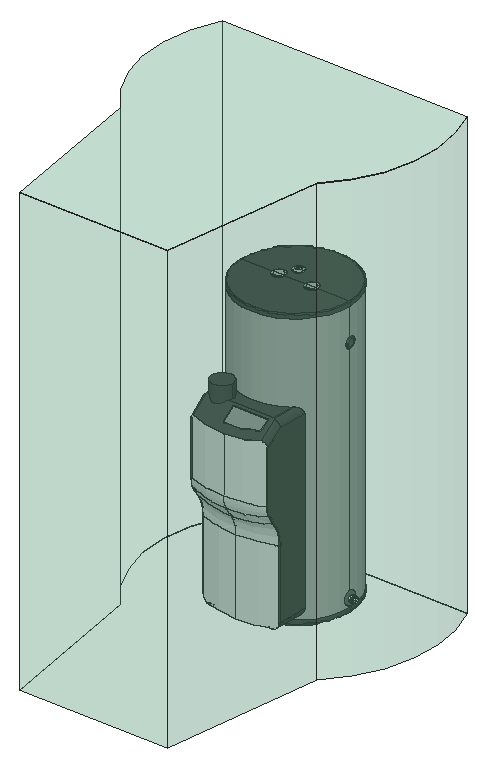
Revit family "Innovo FR_IR 20 160 FR LP", category Mechanical Equipment, Revit 2015
Parameters (values of type "IR-20-160 FR LP")
  largeur d'emballage = 786 mm  # constant formula
  l'Intervalle d'Entretien = "12 mois"  # constant formula
  Workspace Radius = Diameter + 170 mm  # 845 mm
  Workspace Height = Hauteur + 1000 mm  # 2745 mm
  Workspace Front Distance = 1000 mm
  Workspace [instance] = yes
  Valve Height 02 = if(and(Hauteur = 1745 mm, Diameter = 675 mm), 1518 mm, if(and(Hauteur = 1745 mm, Diameter = 610 mm), 1534 mm, if(Hauteur = 1545 mm, 1328 mm, 1070 mm)))  # 1518 mm
  Valve Height 01 = if(and(Diameter > 560 mm), 693 mm, 604 mm)  # 693 mm
  Valeur Maximale du Thermostat de Régulation = 85 °C  # constant formula
  Valeur Manimale du Thermostat de Régulation = 40 °C  # constant formula
  Valeur Défaut du Thermostat de Régulation = 65 °C  # constant formula
  URL = "www.aosmith.fr"
  Type d'Installation = "B23/C13/C33/C43/C53/C63"  # constant formula
  Type d'emballage = "Carton et bois"  # constant formula
  Tension d'Alimentation (-15%, +10%) = 230 V  # constant formula
  Température Maximale des Fumées = 65 °C
  Temps de réchauffement à ΔT = 70°C = "50"
  Temps de réchauffement à ΔT = 55°C = "39"
  Temps de réchauffement à ΔT = 50°C = "36"
  Temps de réchauffement à ΔT = 44°C = "31"
  Temps de réchauffement à ΔT = 28°C = "20"
  Spécifications du Produit = ""
  Réglages du thermostat du chauffe-eau = 65 °C  # constant formula
  Réglage Standard Pour = "G31"
  Rendement Saisonnier (Hs) = [Rendement (Hs, acc. NEN-EN 89 - 1999)]  # 97
  Rendement (Hs, acc. NEN-EN 89 - 1999) = 97
  Rendement (Hi, acc. NEN-EN 89 - 1999) = 108
  Raccord Évacuation de la Condensation = 40 mm  # constant formula
  Raccord de la Soupape de Vidange = 1"
  Raccord de Sortie d'Eau Chaude = 1"
  Raccord de Gaz = 15"  # constant formula
  Raccord d'Alimentation en Eau Froide = 3/4"  # constant formula
  Raccord Robinet de Vidange = 3/4"  # constant formula
  Puissance Électrique Absorbée (sommet) = 105 W
  Puissance Électrique Absorbée (nominal) = 85 W
  Profondeur d'emballage = 946 mm  # constant formula
  Profondeur = 780 mm  # constant formula
  Profils de soutirage déclaré = "XXL"
  Production Nominale = "30700.0"
  Pression de Fonctionnement Maximale = 800000.0 Pa  # constant formula
  Pression Différentielle d'Ouverture de l'Interrupteur de Pression < = 210.0 Pa
  Pression Amont de Gaz = "3700 Pa"
  Precaustions during assembling, installation or maintenance = "voir Manuel d'installation, d'emploi er d'entretien"  # constant formula
  Poids à vide = 155 kg
  Poids de Transport = 172 kg
  Phase = 1
  Pertes en Veille - tous les jours (24h) = 0 W
  Pertes en Veille = 0 W
  Nombre de modèle du produit (EAN) = "8717449286408"
  Niveau du Son dB (A) = "<45"  # constant formula
  Niveau de puissance acoustique à l'intérieur = "58 dB"
  NOx-émissions mg/kWh = "37"
  NOx-émissions (ven air, 0% O2) ppm = "23"
  Modèdele = "IR-32-380"
  Model = "IR-32-380 FR LP"
  Marque commerciale = "A.O. Smith"  # constant formula
  Manufacturer = "A.O. Smith Water Products Company b.v."  # constant formula
  Largeur = Diameter  # 675 mm
  La commande intelligente = no
  L'efficacité énergétique pour le chauffage de l'eau (2) = "92%"
  L'efficacité énergétique pour le chauffage de l'eau (1) = "90%"
  Hauteur du Raccordement au Gaz = 905 mm
  Hauteur de la Sortie d'eau Chaude = 1745 mm
  Hauteur de l'Alimentation en eau Froide = 170 mm
  Hauteur d'emballage = 1895 mm
  Hauteur Conduit d'Évacuation des Fumées = 1350 mm
  Hauteur Conduit d'Alimentation en Air = 1350 mm
  Hauteur = 1745 mm
  Guide de Produit = ""
  Garantie sur la Cuve = "36 mois"  # constant formula
  Garantie Pièces = "12 mois"  # constant formula
  Fréquence secteur = 50 Hz  # constant formula
  Forctionner qu'en heures creuses = no
  Fabricant No. = "E 7110"  # constant formula
  Epaisseur d'Isolation = 44 mm
  Débit de vidage à ΔT = 70°C après 90 min. = 840.0 L
  Débit de vidage à ΔT = 70°C après 60 min. = 650.0 L
  Débit de vidage à ΔT = 70°C après 30 min. = 460.0 L
  Débit de vidage à ΔT = 70°C après 120 min. = 1100.0 L
  Débit de vidage à ΔT = 55°C après 90 min. = 1100.0 L
  Débit de vidage à ΔT = 55°C après 60 min. = 860.0 L
  Débit de vidage à ΔT = 55°C après 30 min. = 610.0 L
  Débit de vidage à ΔT = 55°C après 120 min. = 1400.0 L
  Débit de vidage à ΔT = 50°C après 90 min. = 1300.0 L
  Débit de vidage à ΔT = 50°C après 60 min. = 950.0 L
  Débit de vidage à ΔT = 50°C après 30 min. = 680.0 L
  Débit de vidage à ΔT = 50°C après 120 min. = 1500.0 L
  Débit de vidage à ΔT = 44°C après 90 min. = 1400.0 L
  Débit de vidage à ΔT = 44°C après 60 min. = 1100.0 L
  Débit de vidage à ΔT = 44°C après 30 min. = 790.0 L
  Débit de vidage à ΔT = 44°C après 120 min. = 1800.0 L
  Débit de vidage à ΔT = 28°C après 90 min. = 2300.0 L
  Débit de vidage à ΔT = 28°C après 60 min. = 1800.0 L
  Débit de vidage à ΔT = 28°C après 30 min. = 1300.0 L
  Débit de vidage à ΔT = 28°C après 120 min. = 2800.0 L
  Débit de vidage en Continu à ΔT = 70°C = 380.0 L/s
  Débit de vidage en Continu à ΔT = 55°C = 480.0 L/s
  Débit de vidage en Continu à ΔT = 50°C = 530.0 L/s
  Débit de vidage en Continu à ΔT = 44°C = 600.0 L/s
  Débit de vidage en Continu à ΔT = 28°C = 960.0 L/s
  Diamètre Cheminée - Système Parallèle = "2x80"  # constant formula
  Diamètre Cheminée - Système Concentrique = "80/125 mm/mm"  # constant formula
  Diamètre Cheminée - Boiler = "80/125 mm/mm"  # constant formula
  Diameter = 675 mm
  Destination / Country = "France"  # constant formula
  Description = "Préparateur ECS Solaire en Combinaison avec Réservoir de Stockage"  # constant formula
  D'autres profils de soutirage = "3XL"
  Created By = "http://www.cadcompany.nl/"
  Consommation de Gaz - Volume ltr/hr = "a/p"
  Consommation de Gaz - Masse kg/h = "2.30"
  Class d'efficacité énergétique (2) = "-"
  Class d'efficacité énergétique (1) = "A"  # constant formula
  Charge Nominale (Valeur Supérieure) = "31500.0"
  Charge Nominale (Valeur Inférieure) = "29000.0"
  Charge Maximale au Sol = 552 kg
  Catégorie de Gaz = "II2Esi3P"  # constant formula
  Capacité = 380.0 L
  CO2 Émissions (tol. +/- 1.0) vol% = "10"
  CE-PIN = "0063CQ3037"  # constant formula
  BIM Content Developer = "CAD & Company"  # constant formula
  Assembly Code = "D3010"
  Annual fuel consumption (2) = "40 GJ GCV"
  Annual fuel consumption (1) = "21 GJ GCV"
  Annual electricity consumption (2) = "92 kWh"
  Annual electricity consumption (1) = "45 kWh"
  2ème Entretien (Entretien Général) = "12 mois après l'installation"  # constant formula
  1er Entretien (check-up) = "3 mois après l'installation"  # constant formula
Reference planes
  plane 1 "Center (Front/Back)": y = 0
  plane 2: z = 0
  plane 3 "Center (Left/Right)": x = 0
  plane 4 "Pipe": through (-383.901, 912.349, 194.799) normal (-0.0879, -0.0879, 0.9923)
  plane 5 "footing": y = 118.925
  plane 6 "footing front": y = -237.85
  plane 7: x = -337.5
  plane 8: x = 337.5
  plane 9: z = 1745
Forms (mm)
  Revolve 1, solid, material "RAL 9005", detail levels medium+fine
    sketch origin (0, -237.85, 0) x (-1, 0, 0) y (0, 0, 1)
      loop
        line (0, 28.9) -> (-15, 28.9) -> (-15, 26.4) -> (-8.671, 26.4) -> (-8.671, 18) -> (-5.686, 18) -> (-6.626, 17.06) -> (-6.626, 12.06) -> (-8.671, 12.06) -> (-8.671, 10) -> (-10.031, 10) -> (-23.271, 5.181)
        arc (-23.271, 5.181) -> (-23.763, 4.836) -> (-24.017, 4.293) r 1.159
        line (-24.017, 4.293) -> (-24.017, 1.03)
        arc (-24.017, 1.03) -> (-23.715, 0.302) -> (-22.986, 0) r 1.03
        line (-22.986, 0) -> (0, 0) -> (0, 28.9)
      axis (0, 28.9) -> (0, 0)
    angle from 0 to 360
  Revolve 2, solid, material "RAL 9005", detail levels medium+fine
    sketch origin (0, 118.925, 0) x (-1, 0, 0) y (0, 0, 1)
      loop
        line (-238.484, 28.9) -> (-253.484, 28.9) -> (-253.484, 26.4) -> (-247.155, 26.4) -> (-247.155, 18) -> (-244.17, 18) -> (-245.11, 17.06) -> (-245.11, 12.06) -> (-247.155, 12.06) -> (-247.155, 10) -> (-248.515, 10) -> (-261.756, 5.181)
        arc (-261.756, 5.181) -> (-262.247, 4.836) -> (-262.501, 4.293) r 1.159
        line (-262.501, 4.293) -> (-262.501, 1.03)
        arc (-262.501, 1.03) -> (-262.199, 0.302) -> (-261.471, 0) r 1.03
        line (-261.471, 0) -> (-238.484, 0) -> (-238.484, 28.9)
      axis (-238.484, 28.9) -> (-238.484, 0)
    angle from 0 to 360
  Revolve 3, solid, material "RAL 9005", detail levels medium+fine
    sketch origin (0, 118.925, 0) x (-1, 0, 0) y (0, 0, 1)
      loop
        line (236.516, 28.9) -> (221.516, 28.9) -> (221.516, 26.4) -> (227.845, 26.4) -> (227.845, 18) -> (230.83, 18) -> (229.89, 17.06) -> (229.89, 12.06) -> (227.845, 12.06) -> (227.845, 10) -> (226.485, 10) -> (213.244, 5.181)
        arc (213.244, 5.181) -> (212.753, 4.836) -> (212.499, 4.293) r 1.159
        line (212.499, 4.293) -> (212.499, 1.03)
        arc (212.499, 1.03) -> (212.801, 0.302) -> (213.529, 0) r 1.03
        line (213.529, 0) -> (236.516, 0) -> (236.516, 28.9)
      axis (236.516, 28.9) -> (236.516, 0)
    angle from 0 to 360
Lines and regions (mm)
  symbolic lines
    curve 1: line (0, 280.06, 0) -> (0, -280.06, 0)
    curve 2: line (-312.56, 0, 0) -> (312.56, 0, 0)
  symbolic lines, style "Workspace"
    curve 3: line (754.705, 380.06, 0) -> (-754.705, 380.06, 0)
    curve 4: arc (-754.705, 380.06, 0) -> (-842.687, -62.476, 0) -> (-690.406, -487.2, 0) r 845
    curve 5: line (-690.406, -487.2, 0) -> (-454.283, -1552.825, 0)
    curve 6: line (-454.283, -1552.825, 0) -> (456.53, -1552.825, 0)
    curve 7: line (456.53, -1552.825, 0) -> (692.083, -484.816, 0)
    curve 8: arc (692.083, -484.816, 0) -> (842.794, -61.023, 0) -> (754.705, 380.06, 0) r 845
Dimensions and locks
  plane 5 "footing" to plane 1 "Center (Front/Back)" = 118.925 mm
  plane 1 "Center (Front/Back)" to plane 6 "footing front" = 237.85 mm
  "Diameter": plane 7 to plane 8
  equal spacing: plane 7, plane 3 "Center (Left/Right)", plane 8
  "Hauteur": plane 9 to plane 2
  "Workspace Front Distance": curve 6 to nested 3
  "Workspace Radius": radius of curve 4
  "Workspace Radius": radius of curve 8
  aligned and locked: level to plane 2
  aligned and locked: nested 3 to Revolve 1 sketch curve
  aligned and locked: plane 3 "Center (Left/Right)" to Revolve 1 sketch curve
  aligned and locked: nested 3 to plane 1 "Center (Front/Back)"
  aligned and locked: plane 3 "Center (Left/Right)" to nested 3
  aligned and locked: nested 1 to plane 8
  aligned and locked: nested 5 to plane 8
  aligned and locked: nested 2 to plane 7
  aligned and locked: nested 4 to plane 7
  aligned and locked: nested 7 to plane 7
  aligned and locked: nested 8 to plane 3 "Center (Left/Right)"
  aligned and locked: nested 8 to nested 3
  aligned and locked: curve 3 to nested 8
Automatic sketch dimensions
  Revolve 1 sketch curve to level = 0 mm
  plane 3 "Center (Left/Right)" to Revolve 1 sketch curve = 5.686 mm
  Revolve 1 sketch curve to Revolve 1 sketch curve = 0.94 mm  (x2)
  Revolve 1 sketch curve to Revolve 1 sketch curve = 2.046 mm  (x2)
  Revolve 1 sketch curve to Revolve 1 sketch curve = 1.359 mm
  Revolve 1 sketch curve to Revolve 1 sketch curve = 6.329 mm
  level to Revolve 1 sketch curve = 4.091 mm
  Revolve 1 sketch curve to Revolve 1 sketch curve = 12.844 mm
  level to Revolve 1 sketch curve = 1.03 mm
  Revolve 1 sketch curve to Revolve 1 sketch curve = 0.111 mm
  level to Revolve 1 sketch curve = 5.181 mm
  Revolve 1 sketch curve to Revolve 1 sketch curve = 0.745 mm
  level to Revolve 1 sketch curve = 10 mm
  Revolve 1 sketch curve to Revolve 1 sketch curve = 2.06 mm
  Revolve 1 sketch curve to Revolve 1 sketch curve = 5 mm
  Revolve 1 sketch curve to Revolve 1 sketch curve = 8.4 mm
  Revolve 1 sketch curve to Revolve 1 sketch curve = 2.5 mm
  Revolve 1 sketch curve to level = 19.635 mm
  Revolve 1 sketch curve to Revolve 1 sketch curve = 46.465 mm
  Revolve 2 sketch curve to level = 0 mm
  level to Revolve 2 sketch curve = 1.03 mm
  Revolve 2 sketch curve to plane 8 = 74.999 mm
  level to Revolve 2 sketch curve = 5.181 mm
  Revolve 2 sketch curve to Revolve 2 sketch curve = 0.745 mm
  Revolve 2 sketch curve to Revolve 2 sketch curve = 0.397 mm
  Revolve 2 sketch curve to Revolve 2 sketch curve = 8.271 mm
  Revolve 2 sketch curve to Revolve 2 sketch curve = 13.241 mm
  Revolve 2 sketch curve to Revolve 2 sketch curve = 1.359 mm
  Revolve 2 sketch curve to Revolve 2 sketch curve = 6.329 mm
  Revolve 2 sketch curve to Revolve 2 sketch curve = 2.046 mm
  level to Revolve 2 sketch curve = 18 mm
  Revolve 2 sketch curve to Revolve 2 sketch curve = 0.94 mm  (x2)
  Revolve 2 sketch curve to Revolve 2 sketch curve = 8.671 mm
  Revolve 2 sketch curve to Revolve 2 sketch curve = 1.089 mm
  Revolve 2 sketch curve to Revolve 2 sketch curve = 8 mm
  Revolve 2 sketch curve to Revolve 2 sketch curve = 2.06 mm
  Revolve 2 sketch curve to Revolve 2 sketch curve = 8.4 mm
  Revolve 2 sketch curve to Revolve 2 sketch curve = 2.5 mm
  Revolve 2 sketch curve to Revolve 2 sketch curve = 0 mm
  Revolve 2 sketch curve to level = 19.635 mm
  Revolve 2 sketch curve to Revolve 2 sketch curve = 46.465 mm
  Revolve 3 sketch curve to level = 0 mm
  level to Revolve 3 sketch curve = 1.03 mm
  Revolve 3 sketch curve to plane 7 = 125.001 mm
  level to Revolve 3 sketch curve = 5.181 mm
  Revolve 3 sketch curve to Revolve 3 sketch curve = 0.745 mm
  Revolve 3 sketch curve to Revolve 3 sketch curve = 0.397 mm
  Revolve 3 sketch curve to Revolve 3 sketch curve = 8.271 mm
  Revolve 3 sketch curve to Revolve 3 sketch curve = 13.241 mm
  Revolve 3 sketch curve to Revolve 3 sketch curve = 1.359 mm
  Revolve 3 sketch curve to Revolve 3 sketch curve = 6.329 mm
  Revolve 3 sketch curve to Revolve 3 sketch curve = 2.046 mm
  level to Revolve 3 sketch curve = 18 mm
  Revolve 3 sketch curve to Revolve 3 sketch curve = 0.94 mm  (x2)
  Revolve 3 sketch curve to Revolve 3 sketch curve = 8.671 mm
  Revolve 3 sketch curve to Revolve 3 sketch curve = 1.089 mm
  Revolve 3 sketch curve to Revolve 3 sketch curve = 8 mm
  Revolve 3 sketch curve to Revolve 3 sketch curve = 2.06 mm
  Revolve 3 sketch curve to Revolve 3 sketch curve = 8.4 mm
  Revolve 3 sketch curve to Revolve 3 sketch curve = 2.5 mm
  Revolve 3 sketch curve to Revolve 3 sketch curve = 0 mm
  Revolve 3 sketch curve to level = 19.635 mm
  Revolve 3 sketch curve to Revolve 3 sketch curve = 46.465 mm
  curve 4 to curve 8 = 0 mm  (x2)
  plane 1 "Center (Front/Back)" to curve 2 = 0 mm
  curve 1 to plane 3 "Center (Left/Right)" = 0 mm
  plane 1 "Center (Front/Back)" to curve 4 = 0 mm
  curve 4 to plane 3 "Center (Left/Right)" = 0 mm
  curve 5 to plane 6 "footing front" = 249.35 mm
  plane 7 to curve 5 = 116.783 mm
  plane 8 to curve 7 = 119.03 mm
  curve 7 to plane 6 "footing front" = 246.966 mm
  curve 2 to plane 7 = 24.94 mm
  curve 2 to plane 8 = 24.94 mm
  curve 1 to plane 6 "footing front" = 42.21 mm
  plane 5 "footing" to curve 1 = 161.135 mm
Nested families
  nested 1: "Valve" at (337.5, -0.38, 1518) x (0, 1, 0) z (0, 0, 1), built-in parameter 1001364 <- "Valve Height 02", type "Valve"
  nested 2: "Drain Valve" at (-337.5, 0, 1518), built-in parameter 1001364 <- "Valve Height 02", type "Drain Valve"
  nested 3: "Housing Mother Housing S 57 (external)" at (0, -334.886, 0), type "Housing Mother_Housing S_57"
    with radius 337.5 mm, distance to boiler center 189 mm, diameter 675 mm
  nested 4: "Drain Valve" at (-337.5, 0, 177), type "Drain Valve"
  nested 5: "Drain Valve" at (337.5, 0, 107) x (-1, 0, 0) z (0, 0, 1), type "Drain Valve"
  nested 6: "Boiler" at (0, 0, 0), height <- "Hauteur", type "Boiler"
    with height 1745 mm, radius 337.5 mm, Diameter 675 mm
  nested 7: "Drain Valve" at (-337.5, 0, 693), built-in parameter 1001364 <- "Valve Height 01", type "Drain Valve"
  nested 8: "Innovo_workspace" at (0, 0, 0), Workspace Distance Front <- "Workspace Front Distance", Workspace <- "Workspace", Workspace Height <- "Workspace Height", Workspace Radius <- "Workspace Radius", type "Workspace"
    with Workspace Radius 845 mm, Workspace Height 2745 mm, Workspace Distance Front 1000 mm, Workspace yes, Center to Front 552.825 mm
Connectors
  piping at (372.326, 0, 107), diameter 19.05, driven by "Raccord Robinet de Vidange"
    settings: on nested 5, index 1, connector inside diameter 24", connector length 0 mm, flow factor 0, pipe flow 0.0 L/s, pressure drop 0.0 Pa, fitting loss kfactor 0, connector angle 0.00°, fixture units 0, engagement length 0 mm, angle of deflection 0.00°, flow configuration 0, flow direction 0, fitting loss method 0, system type 19, joint type 0, gender type 0, connector reference index -1, connector utility 0, adjustable connector no, is connector primary yes, connector description ""
  hvac at (-147.013, -381.326, 1310.674)
    settings: on nested 3, index 2, duct flow 0.0 L/s, flow factor 0, pres drop 0.0 Pa, loss coef 0, conn angle 0.00°, conn width 304.8 mm, conn height 304.8 mm, conn diameter 125 mm, duct sys type 4, conn prof type 0, flow config 0, flow direction 0, loss method 0, conn ref index -1, conn util no, is conn primary yes, conn desc ""
Definition of nested family "Valve"
  Parameters (values of type "Valve")
    Type Comments = "T&P valve (internal)"
    Manufacturer = "A.O. Smith"
  Reference planes
    plane 1 "Center (Front/Back)": y = 0
    plane 2: z = 0
    plane 3 "Center (Left/Right)": x = 0
  Forms (mm)
    Extrusion 1, solid, detail levels fine
      sketch origin (0, 0, 0) x (1, 0, 0) y (0, 0, 1)
        loop
          circle (0, 0) r 31.5
      from -2.271 to 1.4
    Sweep 2, solid, detail levels fine
      path origin (0, -1.4, 0) x (1, 0, 0) y (0, 0, 1)
        loop
          circle (0, 0) r 31.5
      profile origin (0, -1.4, 31.5) x (0, 0, -1) y (0, -1, 0)
        loop
          line (7.3, 0) -> (7.3, 3) -> (0, 0) -> (7.3, 0)
  Dimensions and locks
    aligned and locked: level to plane 2
Definition of nested family "Drain Valve"
  Reference planes
    plane 1 "Center (Front/Back)": y = 0
    plane 2: z = 0
    plane 3 "Center (Left/Right)": x = 0
  Forms (mm)
    Revolve 1, solid, detail levels medium+fine
      sketch origin (0, 0, 0) x (1, 0, 0) y (0, 0, 1)
        loop
          line (-33.442, 15.696) -> (-34.826, 14.329) -> (-34.93, 12.731) -> (-16.555, 12.731) -> (-16.555, 0) -> (15.787, 0) -> (15.787, 18.3) -> (-14.4, 18.3) -> (-17.148, 15.533) -> (-18.729, 16.697) -> (-20.091, 15.333) -> (-21.672, 16.496) -> (-23.034, 15.133) -> (-24.614, 16.296) -> (-25.976, 14.932) -> (-27.557, 16.096) -> (-28.919, 14.732) -> (-30.5, 15.896) -> (-31.862, 14.532) -> (-33.442, 15.696)
        axis (-34.93, 0) -> (15.787, 0)
      angle from 0 to 360
  Dimensions and locks
    aligned and locked: level to plane 2
  Nested families
    nested 1: "Rubber sealing" at (2.592, -0.155, 0) x (0.0023, -1, 0) z (0, 0, 1), type "Rubber sealing", detail levels fine
  Definition of nested family "Rubber sealing"
    Reference planes
      plane 1 "Center (Front/Back)": y = 0
      plane 2: z = 0
      plane 3 "Center (Left/Right)": x = 0
    Forms (mm)
      Extrusion 1, solid, detail levels fine
        sketch origin (141.861, 319.581, 0) x (1, 0, 0) y (0, 1, 0)
          loop
            line (-216.354, -311.898) -> (-216.354, -313.94)
            arc (-216.354, -313.94) -> (-141.602, -321.581) -> (-66.861, -313.835) r 366.966
            line (-66.861, -313.835) -> (-66.861, -311.791)
            arc (-66.861, -311.791) -> (-141.602, -319.581) -> (-216.354, -311.898) r 364.966
        from -80 to 80
      Extrusion 2, void
        sketch origin (141.861, 319.581, 0) x (1, 0, 0) y (0, 0, 1)
          loop
            circle (-141.861, 0) r 13
          loop
            circle (-141.861, 0) r 110
          loop
            circle (-141.861, 0) r 40
        from 311.563 to 332.684
      Extrusion 3, void
        sketch origin (141.861, 319.581, 0) x (1, 0, 0) y (0, 0, 1)
          loop
            circle (-141.861, 0) r 18.25
        from 315.524 to 326.084
    Cuts and joins
      Extrusion 2, Extrusion 3 cuts Extrusion 1
    Dimensions and locks
      aligned and locked: level to plane 2
Definition of nested family "Housing Mother Housing S 57 (external)"
  Parameters (values of type "Housing Mother_Housing S_57")
    radius [instance] = 280 mm
    distance to boiler center = if(diameter = 675 mm, 189 mm, if(diameter = 610 mm, 154 mm, 129 mm))  # 129 mm
    diameter = 560 mm
  Reference planes
    plane 1 "Center (Front/Back)": y = 0
    plane 2: z = 0
    plane 3 "Center (Left/Right)": x = 0
    plane 4 "left": through (-245.286, 145.886, 1200) normal (0.9994, 0.0349, 0)
    plane 5: y = -217.939
    plane 6: y = 145.886
    plane 7: z = 1232.6
    plane 8: z = 65.89
    plane 9 "right": through (245.286, 145.886, 1200) normal (0.9994, -0.0349, 0)
    plane 10 "display": through (0, -90.37, 1221.196) normal (0, -0.5736, 0.8192)
    plane 11 "Potentiostat": z = 867.899
    plane 12 "boiler center": y = 274.886
    plane 13: x = -280
    plane 14: x = 280
  Forms (mm)
    Extrusion 1, solid
      sketch origin (0, 0, 0) x (1, 0, 0) y (0, 1, 0)
        loop
          line (-245.286, 145.886) -> (-232.581, -217.939) -> (232.581, -217.939) -> (245.286, 145.886)
          arc (245.286, 145.886) -> (0, 0.923) -> (-245.286, 145.886) r 280
      from 0 to 1232.6
    Sweep 2, void
      path origin (0, 0, 0) x (0, 1, 0) y (0, 0, 1)
        loop
          line (-217.939, 1232.6) -> (-217.939, 795.555)
          arc (-217.939, 795.555) -> (-212.387, 754.285) -> (-197.694, 715.322) r 183.924
          arc (-197.694, 715.322) -> (-179.915, 684.628) -> (-159.106, 655.901) r 348.284
          arc (-159.106, 655.901) -> (-131.411, 600.328) -> (-121.88, 538.973) r 202.254
          line (-121.88, 538.973) -> (-121.88, 61.106)
      profile origin (0, -217.939, 1014.077) x (1, 0, 0) y (0, 1, 0)
        loop
          arc (0, 0) -> (-117.533, 9.941) -> (-231.728, 39.475) r 699.984
          arc (-231.728, 39.475) -> (-233.391, 40.705) -> (-234.07, 42.659) r 3.505
          line (-234.07, 42.659) -> (-254.062, 42.659) -> (-254.062, -142.593) -> (254.07, -142.593) -> (254.07, 42.659) -> (234.07, 42.659)
          arc (234.07, 42.659) -> (233.391, 40.705) -> (231.728, 39.475) r 3.505
          arc (231.728, 39.475) -> (117.533, 9.941) -> (0, 0) r 699.984
    Extrusion 3, void
      sketch origin (0, 0, 0) x (0, 1, 0) y (0, 0, 1)
        loop
          arc (102.864, 70.869) -> (99.804, 70.709) -> (96.874, 69.813) r 12.57
          arc (96.874, 69.813) -> (87.878, 66.533) -> (78.516, 64.529) r 69.114
          arc (78.516, 64.529) -> (76.41, 64.284) -> (74.294, 64.148) r 41.206
          arc (74.294, 64.148) -> (65.203, 64.335) -> (56.122, 64.782) r 318.661
          arc (56.122, 64.782) -> (30.585, 66.179) -> (5.028, 67.128) r 1456.581
          line (5.028, 67.128) -> (-84.534, 73.135)
          arc (-84.534, 73.135) -> (-86.363, 73.808) -> (-87.536, 75.365) r 3.455
          line (-87.536, 75.365) -> (-264.473, 75.365) -> (-264.473, 0) -> (160.886, 0) -> (160.886, 103.945) -> (145.886, 103.945)
          arc (145.886, 103.945) -> (145.104, 97.827) -> (142.923, 92.059) r 26.364
          arc (142.923, 92.059) -> (141.067, 88.936) -> (138.867, 86.045) r 31.715
          arc (138.867, 86.045) -> (135.576, 82.49) -> (132.021, 79.2) r 62.615
          arc (132.021, 79.2) -> (125.841, 74.697) -> (119.091, 71.103) r 54.444
          arc (119.091, 71.103) -> (116.371, 70.272) -> (113.531, 70.123) r 11.669
          line (113.531, 70.123) -> (102.864, 70.869)
      from -254.062 to 254.07
    Sweep 4, void
      path origin (0, 0, 0) x (1, 0, 0) y (0, 1, 0)
        loop
          line (-245.286, 145.886) -> (-232.581, -217.939)
      profile origin (-238.933, -36.027, 0) x (0.999391, 0.034899, 0) y (0, 0, 1)
        loop
          line (-4.454, 0) -> (47.084, 0) -> (47.084, 73.431)
          arc (47.084, 73.431) -> (14.222, 85.134) -> (0.255, 117.1) r 43.922
          line (0.255, 117.1) -> (-4.454, 117.1) -> (-4.454, 0)
    Sweep 5, void
      path origin (0, 0, 0) x (-1, 0, 0) y (0, 1, 0)
        loop
          line (-245.286, 145.886) -> (-232.581, -217.939)
      profile origin (238.933, -36.027, 0) x (0.999391, -0.034899, 0) y (0, 0, 1)
        loop
          line (4.454, 0) -> (4.454, 117.1) -> (-0.255, 117.1)
          arc (-0.255, 117.1) -> (-14.222, 85.134) -> (-47.084, 73.431) r 43.922
          line (-47.084, 73.431) -> (-47.084, 0) -> (4.454, 0)
    Sweep 6, void
      path origin (-239.899, -8.377, 0) x (-0.034899, 0.999391, 0) y (0, 0, 1)
        loop
          line (-209.69, 1141.272) -> (-79.18, 1232.6) -> (154.358, 1232.6)
      profile origin (-241.211, 29.188, 1232.6) x (0, 0, 1) y (0.999391, 0.034899, 0)
        loop
          line (-45, -30) -> (75, -30) -> (75, 0) -> (75, 55) -> (2.799, 55) -> (-1.253, 35.128)
          arc (-1.253, 35.128) -> (-16.771, 9.564) -> (-45, -0.308) r 44.287
          line (-45, -0.308) -> (-45, -30)
    Sweep 7, void
      path origin (239.899, -8.377, 0) x (0.034899, 0.999391, 0) y (0, 0, 1)
        loop
          line (-209.69, 1141.272) -> (-79.18, 1232.6) -> (154.358, 1232.6)
      profile origin (241.211, 29.188, 1232.6) x (0, 0, -1) y (-0.999391, 0.034899, 0)
        loop
          line (-75, -25) -> (45, -25) -> (45, -0.308)
          arc (45, -0.308) -> (16.771, 9.564) -> (1.253, 35.128) r 44.287
          line (1.253, 35.128) -> (-2.799, 55) -> (-75, 55) -> (-75, -25)
    Extrusion 8, void
      sketch origin (0, 0, 0) x (0, 1, 0) y (0, 0, 1)
        loop
          line (-270, 1336.099) -> (-270, 1099.081) -> (68.497, 1336.099) -> (-270, 1336.099)
      from -425.038 to 444.42
    Extrusion 9, solid, detail levels medium+fine
      sketch origin (0, 0, 0) x (1, 0, 0) y (0, 1, 0)
        loop
          circle (-147.013, -46.44) r 65
      from 1163.174 to 1310.674
    Extrusion 10, void
      sketch origin (0, -603.506, 861.895) x (0, 0.819152, 0.573576) y (-1, 0, 0)
        loop
          arc (618.322, -173) -> (623.272, -170.95) -> (625.322, -166) r 7
          line (625.322, -166) -> (625.322, 35)
          arc (625.322, 35) -> (623.272, 39.95) -> (618.322, 42) r 7
          line (618.322, 42) -> (535.473, 42)
          arc (535.473, 42) -> (530.688, 40.11) -> (528.488, 35.46) r 7
          arc (528.488, 35.46) -> (531.569, -67.592) -> (554.18, -168.18) r 540
          arc (554.18, -168.18) -> (556.724, -171.668) -> (560.831, -173) r 7
          line (560.831, -173) -> (618.322, -173)
      from 0 to 137.286
    Sweep 11, solid, detail levels fine
      path origin (0, 0, 867.899) x (-1, 0, 0) y (0, -1, 0)
        loop
          line (309.749, -35.617) -> (204.371, -35.617)
          arc (204.371, -35.617) -> (196.509, -34.687) -> (189.082, -31.947) r 33.677
          line (189.082, -31.947) -> (-9.574, 69.274)
      profile origin (-257.06, 35.617, 867.899) x (0, 1, 0) y (0, 0, 1)
        loop
          circle (0, 0) r 7.316
        loop
          circle (0, 0) r 6.465
    Revolve 12, void
      sketch origin (0, 274.886, 0) x (-1, 0, 0) y (0, 0, 1)
        loop
          line (280, 1243.838) -> (0, 1243.838) -> (0, 54.9) -> (280, 54.9) -> (280, 1243.838)
        axis (0, 1243.838) -> (0, 54.9)
      angle from 0 to 360
  Cuts and joins
    Sweep 2, Extrusion 3, Sweep 4, Sweep 5, Sweep 6, Sweep 7, Extrusion 8, Extrusion 10, Revolve 12 cuts Extrusion 1
  Dimensions and locks
    plane 8 to plane 2 = 65.89 mm
    plane 7 to plane 8 = 1166.71 mm
    "distance to boiler center": plane 12 "boiler center" to plane 6
    "diameter": plane 14 to plane 13
    equal spacing: plane 14, plane 3 "Center (Left/Right)", plane 13
    "radius": plane 3 "Center (Left/Right)" to plane 13
    aligned and locked: level to plane 2
    aligned and locked: Extrusion 1 to plane 7
    aligned and locked: Extrusion 1 sketch curve to plane 5
    aligned and locked: Sweep 2 to Extrusion 3
    aligned and locked: Extrusion 3 to Sweep 2  (x2)
    aligned and locked: plane 7 to Sweep 2 sketch curve
    aligned and locked: plane 3 "Center (Left/Right)" to Revolve 12 sketch curve
    aligned and locked: Revolve 12 sketch curve to plane 3 "Center (Left/Right)"
    aligned and locked: plane 13 to Revolve 12 sketch curve
  Automatic sketch dimensions
    Extrusion 1 sketch curve to plane 4 "left" = 0 mm  (x2)
    Extrusion 1 sketch curve to plane 6 = 0 mm  (x2)
    Extrusion 1 sketch curve to plane 3 "Center (Left/Right)" = 0 mm
    Extrusion 1 sketch curve to plane 9 "right" = 0 mm
    plane 6 to Extrusion 1 sketch curve = 135.037 mm
    Sweep 2 sketch curve to plane 5 = 0 mm
    plane 5 to Sweep 2 sketch curve = 106.195 mm
    Sweep 2 sketch curve to plane 5 = 96.059 mm
    plane 1 "Center (Front/Back)" to Sweep 2 sketch curve = 34.053 mm
    plane 11 "Potentiostat" to Sweep 2 sketch curve = 6.417 mm
    Sweep 2 sketch curve to plane 6 = 33.705 mm
    Sweep 2 sketch curve to plane 11 "Potentiostat" = 68.615 mm
    Sweep 2 sketch curve to plane 11 "Potentiostat" = 72.345 mm
    Sweep 2 sketch curve to Sweep 2 sketch curve = 176.349 mm
    Sweep 2 sketch curve to Sweep 2 sketch curve = 0 mm  (x2)
    plane 8 to Sweep 2 sketch curve = 4.784 mm
    Extrusion 3 sketch curve to level = 0 mm
    Extrusion 3 sketch curve to plane 6 = 0 mm
    Extrusion 3 sketch curve to plane 6 = 26.363 mm
    Extrusion 3 sketch curve to Extrusion 3 sketch curve = 4.75 mm
    Extrusion 3 sketch curve to Extrusion 3 sketch curve = 5.179 mm
    Extrusion 3 sketch curve to plane 8 = 4.232 mm
    Extrusion 3 sketch curve to Extrusion 3 sketch curve = 0.814 mm
    Extrusion 3 sketch curve to plane 8 = 4.978 mm
    Extrusion 3 sketch curve to Extrusion 3 sketch curve = 10.667 mm
    Extrusion 3 sketch curve to Extrusion 3 sketch curve = 0.877 mm
    Extrusion 3 sketch curve to Extrusion 3 sketch curve = 17.827 mm
    Extrusion 3 sketch curve to Extrusion 3 sketch curve = 5.646 mm
    Extrusion 3 sketch curve to plane 6 = 69.562 mm
    Extrusion 3 sketch curve to Extrusion 3 sketch curve = 18.6 mm
    Extrusion 3 sketch curve to Extrusion 3 sketch curve = 22.538 mm
    Extrusion 3 sketch curve to plane 8 = 1.238 mm
    Extrusion 3 sketch curve to plane 1 "Center (Front/Back)" = 5.028 mm
    plane 1 "Center (Front/Back)" to Extrusion 3 sketch curve = 36.224 mm
    Extrusion 3 sketch curve to plane 8 = 10.692 mm
    plane 1 "Center (Front/Back)" to Extrusion 3 sketch curve = 84.302 mm
    Extrusion 3 sketch curve to plane 8 = 7.244 mm
    Extrusion 3 sketch curve to Extrusion 3 sketch curve = 0.231 mm
    Extrusion 3 sketch curve to Extrusion 3 sketch curve = 3.234 mm
    plane 5 to Extrusion 3 sketch curve = 46.534 mm
    plane 6 to Extrusion 3 sketch curve = 15 mm
    Extrusion 3 sketch curve to level = 1388.869 mm
    plane 8 to Extrusion 3 sketch curve = 7.561 mm
    Extrusion 3 sketch curve to Extrusion 3 sketch curve = 11.64 mm
    Extrusion 3 sketch curve to plane 8 = 38.054 mm
    Extrusion 3 sketch curve to Extrusion 3 sketch curve = 22.442 mm
    Extrusion 3 sketch curve to plane 8 = 39.432 mm
    Extrusion 3 sketch curve to Extrusion 3 sketch curve = 2.466 mm
    Extrusion 3 sketch curve to Extrusion 3 sketch curve = 14.17 mm
    Extrusion 3 sketch curve to Extrusion 3 sketch curve = 5.925 mm
    Extrusion 3 sketch curve to Extrusion 3 sketch curve = 6.186 mm
    Extrusion 3 sketch curve to Extrusion 3 sketch curve = 249.85 mm
    Extrusion 3 sketch curve to Extrusion 3 sketch curve = 0 mm  (x4)
    Extrusion 3 sketch curve to Extrusion 3 sketch curve = 6.845 mm
    plane 8 to Extrusion 3 sketch curve = 1.743 mm
    Sweep 4 sketch curve to plane 4 "left" = 0 mm  (x2)
    Sweep 4 sketch curve to plane 6 = 0 mm
    plane 5 to Sweep 4 sketch curve = 0 mm
    Sweep 4 sketch curve to level = 0 mm
    profile plane to Sweep 4 sketch curve = 4.454 mm
    Sweep 4 sketch curve to profile plane = 0.255 mm
    Sweep 4 sketch curve to Sweep 4 sketch curve = 43.922 mm
    Sweep 4 sketch curve to profile plane = 47.084 mm
    level to Sweep 4 sketch curve = 73.431 mm
    Sweep 4 sketch curve to Sweep 4 sketch curve = 43.669 mm
    Sweep 5 sketch curve to plane 6 = 0 mm
    Sweep 5 sketch curve to plane 9 "right" = 0 mm  (x2)
    plane 5 to Sweep 5 sketch curve = 0 mm
    Sweep 5 sketch curve to level = 0 mm
    profile plane to Sweep 5 sketch curve = 47.084 mm
    Sweep 5 sketch curve to Sweep 5 sketch curve = 2.907 mm
    profile plane to Sweep 5 sketch curve = 0.255 mm
    Sweep 5 sketch curve to profile plane = 4.454 mm
    level to Sweep 5 sketch curve = 73.431 mm
    Sweep 5 sketch curve to Sweep 5 sketch curve = 43.669 mm
    Sweep 6 sketch curve to plane 7 = 0 mm
    plane 7 to Sweep 6 sketch curve = 91.328 mm
    Sweep 6 sketch curve to Sweep 6 sketch curve = 130.509 mm
    Sweep 6 sketch curve to Sweep 6 sketch curve = 233.538 mm
    Sweep 6 sketch curve to plane 4 "left" = 0 mm
    profile plane to Sweep 6 sketch curve = 45 mm
    Sweep 6 sketch curve to Sweep 6 sketch curve = 0.354 mm
    profile plane to Sweep 6 sketch curve = 1.253 mm
    Sweep 6 sketch curve to profile plane = 2.799 mm
    Sweep 6 sketch curve to Sweep 6 sketch curve = 72.201 mm
    Sweep 6 sketch curve to plane 4 "left" = 0.308 mm
    Sweep 6 sketch curve to Sweep 6 sketch curve = 29.692 mm
    plane 4 "left" to Sweep 6 sketch curve = 35.128 mm
    plane 4 "left" to Sweep 6 sketch curve = 55 mm
    Sweep 7 sketch curve to plane 7 = 0 mm
    Sweep 7 sketch curve to plane 7 = 91.328 mm
    Sweep 7 sketch curve to Sweep 7 sketch curve = 130.509 mm
    Sweep 7 sketch curve to Sweep 7 sketch curve = 233.538 mm
    Sweep 7 sketch curve to plane 9 "right" = 25 mm
    profile plane to Sweep 7 sketch curve = 75 mm
    profile plane to Sweep 7 sketch curve = 2.799 mm
    Sweep 7 sketch curve to profile plane = 1.253 mm
    Sweep 7 sketch curve to Sweep 7 sketch curve = 43.393 mm
    Sweep 7 sketch curve to profile plane = 45 mm
    Sweep 7 sketch curve to plane 9 "right" = 0.308 mm
    plane 9 "right" to Sweep 7 sketch curve = 35.128 mm
    Sweep 7 sketch curve to Sweep 7 sketch curve = 19.872 mm
    plane 5 to Extrusion 8 sketch curve = 52.061 mm
    Extrusion 8 sketch curve to plane 1 "Center (Front/Back)" = 68.497 mm
    plane 7 to Extrusion 8 sketch curve = 133.519 mm
    Extrusion 8 sketch curve to plane 7 = 103.499 mm
    plane 1 "Center (Front/Back)" to Extrusion 9 sketch curve = 46.44 mm
    Extrusion 9 sketch curve to plane 3 "Center (Left/Right)" = 147.013 mm
    Extrusion 10 sketch curve to plane 3 "Center (Left/Right)" = 0 mm
    Extrusion 10 sketch curve to plane 3 "Center (Left/Right)" = 35 mm
    Extrusion 10 sketch curve to Extrusion 10 sketch curve = 25.359 mm
    Extrusion 10 sketch curve to Extrusion 10 sketch curve = 57.491 mm
    Extrusion 10 sketch curve to plane 3 "Center (Left/Right)" = 42 mm
    Extrusion 10 sketch curve to Extrusion 10 sketch curve = 82.85 mm
    Extrusion 10 sketch curve to Extrusion 10 sketch curve = 7 mm
    Extrusion 10 sketch curve to Extrusion 10 sketch curve = 442 mm
    plane 3 "Center (Left/Right)" to Extrusion 10 sketch curve = 166 mm
    Extrusion 10 sketch curve to Extrusion 10 sketch curve = 0 mm  (x2)
    Sweep 11 sketch curve to plane 1 "Center (Front/Back)" = 31.947 mm
    Sweep 11 sketch curve to plane 3 "Center (Left/Right)" = 189.082 mm
    Sweep 11 sketch curve to plane 1 "Center (Front/Back)" = 1.94 mm
    Sweep 11 sketch curve to Sweep 11 sketch curve = 15.289 mm
    plane 3 "Center (Left/Right)" to Sweep 11 sketch curve = 9.574 mm
    Sweep 11 sketch curve to Sweep 11 sketch curve = 105.378 mm
    plane 1 "Center (Front/Back)" to Sweep 11 sketch curve = 69.274 mm
    Sweep 11 sketch curve to Sweep 11 sketch curve = 0 mm  (x2)
    Sweep 11 sketch curve to plane 11 "Potentiostat" = 0 mm
    Sweep 11 sketch curve to profile plane = 0 mm
    plane 8 to Revolve 12 sketch curve = 10.99 mm
    Revolve 12 sketch curve to plane 7 = 11.238 mm
    Revolve 12 sketch curve to level = 366.045 mm
    Revolve 12 sketch curve to Revolve 12 sketch curve = 971.917 mm
    Sweep 2 sketch curve to plane 3 "Center (Left/Right)" = 0 mm
    profile plane to Sweep 2 sketch curve = 0 mm
    Sweep 2 sketch curve to plane 3 "Center (Left/Right)" = 0.016 mm
    Sweep 2 sketch curve to profile plane = 42.782 mm  (x2)
    Sweep 2 sketch curve to plane 3 "Center (Left/Right)" = 230.568 mm
    plane 3 "Center (Left/Right)" to Sweep 2 sketch curve = 0.016 mm
    plane 3 "Center (Left/Right)" to Sweep 2 sketch curve = 230.568 mm
    Sweep 2 sketch curve to Sweep 2 sketch curve = 3.502 mm  (x2)
    Sweep 2 sketch curve to Sweep 2 sketch curve = 20 mm
    profile plane to Sweep 2 sketch curve = 142.593 mm
    Sweep 2 sketch curve to Sweep 2 sketch curve = 0.122 mm  (x2)
    Sweep 2 sketch curve to Sweep 2 sketch curve = 657.203 mm
    Sweep 2 sketch curve to Sweep 2 sketch curve = 19.991 mm
    radius of Extrusion 9 sketch curve = 65 mm
    radius of Sweep 11 sketch curve = 7.316 mm
    radius of Sweep 11 sketch curve = 6.465 mm
  Nested families
    nested 1: "display" at (65.5, -130.939, 1192.79) x (-1, 0, 0) z (0, -0.5736, 0.8192), type "display"
  Definition of nested family "display"
    Parameters (values of type "display")
      Default Elevation = 1219.2 mm
    Reference planes
      plane 1 "Center (Front/Back)": y = 0
      plane 2: z = 0
      plane 3 "Center (Left/Right)": x = 0
    Forms (mm)
      Extrusion 1, solid, detail levels medium+fine
        sketch origin (-16.958, 11.842, -343.878) x (1, 0, 0) y (0, 0, -1)
          loop
            line (-233.523, -343.878) -> (-233.523, -346.592) -> (332.686, -346.592) -> (332.686, -343.878) -> (-233.523, -343.878)
        from -228.7 to 150.822
      Extrusion 2, void
        sketch origin (-16.958, 6.842, -343.878) x (1, 0, 0) y (0, 1, 0)
          loop
            line (-233.523, 155.822) -> (-233.523, -223.7) -> (332.686, -223.7) -> (332.686, 155.822) -> (-233.523, 155.822)
          loop
            arc (-90.542, -48.267) -> (-88.492, -53.216) -> (-83.542, -55.267) r 7
            line (-83.542, -55.267) -> (117.458, -55.267)
            arc (117.458, -55.267) -> (122.408, -53.216) -> (124.458, -48.267) r 7
            line (124.458, -48.267) -> (124.458, 34.583)
            arc (124.458, 34.583) -> (122.568, 39.368) -> (117.918, 41.568) r 7
            arc (117.918, 41.568) -> (14.866, 38.487) -> (-85.722, 15.876) r 540
            arc (-85.722, 15.876) -> (-89.21, 13.332) -> (-90.542, 9.224) r 7
            line (-90.542, 9.224) -> (-90.542, -48.267)
        from 328.878 to 363.083
    Cuts and joins
      Extrusion 2 cuts Extrusion 1
    Dimensions and locks
      aligned and locked: level to plane 2
Definition of nested family "Boiler"
  Parameters (values of type "Boiler")
    radius [instance] = 280 mm
    height [instance] = 1270 mm
    Diameter = 560 mm
  Reference planes
    plane 1 "Center (Front/Back)": y = 0
    plane 2: z = 0
    plane 3 "Center (Left/Right)": x = 0
    plane 4: z = 1243.838
    plane 5: z = 1270
    plane 6 "bottom": z = 28.9
    plane 7: z = 54.9
    plane 8 "top controle": y = 88
    plane 9: x = -280
    plane 10: x = 280
  Forms (mm)
    Revolve 1, solid
      sketch origin (0, 0, 0) x (1, 0, 0) y (0, 0, 1)
        loop
          line (0, 54.9) -> (-280, 54.9) -> (-280, 32.9)
          arc (-280, 32.9) -> (-278.828, 30.072) -> (-276, 28.9) r 4
          line (-276, 28.9) -> (0, 28.9) -> (0, 54.9)
        axis (0, 28.9) -> (0, 54.9)
      angle from 0 to 360
    Revolve 2, solid
      sketch origin (1.311, 0, 0) x (1, 0, 0) y (0, 0, 1)
        loop
          line (-278.86, 1243.838) -> (-278.86, 54.9) -> (-1.311, 54.9) -> (-1.311, 1243.838) -> (-278.86, 1243.838)
        axis (-1.311, 1243.838) -> (-1.311, 54.9)
      angle from 0 to 360
    Revolve 3, solid
      sketch origin (-9.205, 0, 377.212) x (-1, 0, 0) y (0, 0, 1)
        loop
          line (-148.904, 892.788) -> (-110.805, 892.788) -> (-110.805, 895.963) -> (-141.883, 895.963) -> (-148.904, 893.62) -> (-148.904, 892.788)
        axis (-110.805, 892.788) -> (-110.805, 895.963)
      angle from 0 to 360
    Revolve 4, solid
      sketch origin (0, 0, 718.065) x (1, 0, 0) y (0, 0, -1)
        loop
          line (0, -525.773) -> (-280, -525.773) -> (-280, -547.935)
          arc (-280, -547.935) -> (-278.828, -550.763) -> (-276, -551.935) r 4
          line (-276, -551.935) -> (0, -551.935) -> (0, -525.773)
        axis (0, -551.935) -> (0, -525.773)
      angle from 0 to 360
    Revolve 5, solid
      sketch origin (0, 88, 0) x (1, 0, 0) y (0, 0, 1)
        loop
          line (-19.051, 1270) -> (-19.051, 1271.074) -> (-32.63, 1275.604) -> (-32.63, 1271.117) -> (-37.266, 1271.117) -> (-38.383, 1270) -> (-19.051, 1270)
        axis (-50.8, 1270) -> (-50.8, 1275.604)
      angle from 0 to 360
    Revolve 6, solid
      sketch origin (-217.12, 0, 372.245) x (-1, 0, 0) y (0, 0, 1)
        loop
          line (-153.622, 897.755) -> (-115.52, 897.755) -> (-115.52, 900.93) -> (-146.626, 900.93) -> (-153.622, 898.596) -> (-153.622, 897.755)
        axis (-115.52, 897.755) -> (-115.52, 900.93)
      angle from 0 to 360
  Dimensions and locks
    "height": plane 5 to plane 2
    plane 6 "bottom" to plane 2 = 28.9 mm
    locked: plane 5 to plane 4 at 26.162
    locked: plane 1 "Center (Front/Back)" to plane 8 "top controle" at 88
    "Diameter": plane 10 to plane 9
    equal spacing: plane 10, plane 3 "Center (Left/Right)", plane 9
    "radius": plane 3 "Center (Left/Right)" to plane 9
    locked: plane 9 to Revolve 2 sketch curve at 2.452
    aligned and locked: level to plane 2
    aligned and locked: Revolve 2 sketch curve to plane 7
    aligned and locked: Revolve 2 sketch curve to plane 4
    aligned and locked: Revolve 1 sketch curve to plane 7
    aligned and locked: plane 6 "bottom" to Revolve 1 sketch curve
    aligned and locked: Revolve 4 sketch curve to plane 3 "Center (Left/Right)"
    aligned and locked: plane 5 to Revolve 4 sketch curve
    aligned and locked: Revolve 4 sketch curve to plane 4
    aligned and locked: plane 9 to Revolve 4 sketch curve
    aligned and locked: Revolve 1 sketch curve to plane 9
    aligned and locked: Revolve 2 sketch curve to plane 3 "Center (Left/Right)"
    aligned and locked: plane 3 "Center (Left/Right)" to Revolve 2 sketch curve
  Automatic sketch dimensions
    Revolve 1 sketch curve to plane 3 "Center (Left/Right)" = 0 mm  (x2)
    Revolve 1 sketch curve to Revolve 1 sketch curve = 4 mm
    Revolve 1 sketch curve to level = 40 mm
    Revolve 1 sketch curve to Revolve 1 sketch curve = 305.1 mm
    Revolve 2 sketch curve to level = 366.045 mm
    Revolve 2 sketch curve to plane 5 = 945.755 mm
    Revolve 3 sketch curve to plane 5 = 0 mm
    Revolve 3 sketch curve to plane 3 "Center (Left/Right)" = 139.699 mm
    plane 5 to Revolve 3 sketch curve = 3.175 mm
    Revolve 3 sketch curve to Revolve 3 sketch curve = 7.022 mm
    Revolve 3 sketch curve to Revolve 3 sketch curve = 31.078 mm
    Revolve 3 sketch curve to Revolve 3 sketch curve = 0.832 mm
    Revolve 3 sketch curve to Revolve 3 sketch curve = 0 mm
    Revolve 3 sketch curve to Revolve 3 sketch curve = 2.338 mm
    Revolve 3 sketch curve to Revolve 3 sketch curve = 4.487 mm
    Revolve 4 sketch curve to plane 3 "Center (Left/Right)" = 0 mm
    Revolve 4 sketch curve to Revolve 4 sketch curve = 4 mm
    Revolve 4 sketch curve to Revolve 4 sketch curve = 68.738 mm
    Revolve 4 sketch curve to Revolve 4 sketch curve = 305.1 mm
    Revolve 6 sketch curve to plane 5 = 0 mm
    plane 3 "Center (Left/Right)" to Revolve 6 sketch curve = 63.497 mm
    plane 5 to Revolve 6 sketch curve = 3.175 mm
    Revolve 6 sketch curve to Revolve 6 sketch curve = 6.997 mm
    Revolve 6 sketch curve to Revolve 6 sketch curve = 31.106 mm
    Revolve 6 sketch curve to Revolve 6 sketch curve = 0.84 mm
    Revolve 6 sketch curve to Revolve 6 sketch curve = 0 mm
    Revolve 6 sketch curve to Revolve 6 sketch curve = 7.216 mm
    Revolve 6 sketch curve to Revolve 6 sketch curve = 0.391 mm
    Revolve 5 sketch curve to Revolve 5 sketch curve = 13.578 mm
    Revolve 5 sketch curve to Revolve 5 sketch curve = 1.074 mm
    Revolve 5 sketch curve to Revolve 5 sketch curve = 12.417 mm
    Revolve 5 sketch curve to Revolve 5 sketch curve = 5.753 mm
    Revolve 5 sketch curve to plane 5 = 1.117 mm
    Revolve 5 sketch curve to Revolve 5 sketch curve = 1.117 mm
    plane 5 to Revolve 5 sketch curve = 4.396 mm
    Revolve 5 sketch curve to plane 5 = 0 mm
    Revolve 5 sketch curve to Revolve 5 sketch curve = 4.487 mm
    Revolve 5 sketch curve to plane 3 "Center (Left/Right)" = 38.383 mm
    Revolve 5 sketch curve to plane 5 = 5.604 mm
Definition of nested family "Innovo_workspace"
  Parameters (values of type "Workspace")
    Workspace Radius [instance] = 730 mm
    Workspace Height [instance] = 2270 mm
    Workspace Distance Front [instance] = 1000 mm
    Workspace [instance] = yes
    URL = "www.aosmith.nl"
    Model = ""
    Manufacturer = "A.O. Smith Water Products Company b.v."  # constant formula
    Description = ""
    Created By = ""
    Center to Front [instance] = 492.825 mm
    BIM Content Developer = "CAD & Company"  # constant formula
    Assembly Code = ""
  Reference planes
    plane 1 "Center (Front/Back)": y = 0
    plane 2: z = 0
    plane 3 "Center (Left/Right)": x = 0
    plane 4 "Pipe": through (-383.901, 912.349, 194.799) normal (-0.0879, -0.0879, 0.9923)
    plane 5 "front": y = -492.825
  Forms (mm)
    Extrusion 1, solid, visible <- "Workspace"
      sketch origin (0, 0, 0) x (1, 0, 0) y (0, 1, 0)
        loop
          line (456.53, -1492.825) -> (500.201, -531.695)
          arc (500.201, -531.695) -> (723.44, -97.643) -> (623.261, 380.06) r 730
          line (623.261, 380.06) -> (-623.261, 380.06)
          arc (-623.261, 380.06) -> (-723.227, -99.209) -> (-497.893, -533.856) r 730
          line (-497.893, -533.856) -> (-454.283, -1492.825) -> (456.53, -1492.825)
      from 0 to 2270 <- "Workspace Height"
  Lines and regions (mm)
    symbolic lines
      curve 1: line (0, 280.06, 0) -> (0, -280.06, 0)
      curve 2: line (-255.06, 0, 0) -> (255.06, 0, 0)
  Dimensions and locks
    locked: Extrusion 1 sketch curve to curve 1 at 100
    "Workspace Distance Front": plane 5 "front" to Extrusion 1
    "Center to Front": plane 1 "Center (Front/Back)" to plane 5 "front"
    "Workspace Radius": radius of Extrusion 1 sketch curve  (x2)
    aligned and locked: level to plane 2
  Automatic sketch dimensions
    plane 1 "Center (Front/Back)" to curve 2 = 0 mm
    curve 1 to plane 3 "Center (Left/Right)" = 0 mm
    plane 3 "Center (Left/Right)" to curve 2 = 255.06 mm
    curve 1 to plane 1 "Center (Front/Back)" = 280.06 mm
    curve 2 to plane 3 "Center (Left/Right)" = 255.06 mm
    plane 5 "front" to curve 1 = 212.765 mm
    Extrusion 1 sketch curve to Extrusion 1 sketch curve = 0 mm  (x2)
    plane 1 "Center (Front/Back)" to Extrusion 1 sketch curve = 0 mm
    Extrusion 1 sketch curve to plane 3 "Center (Left/Right)" = 0 mm
    Extrusion 1 sketch curve to plane 5 "front" = 41.031 mm
    Extrusion 1 sketch curve to plane 3 "Center (Left/Right)" = 454.283 mm
    plane 3 "Center (Left/Right)" to Extrusion 1 sketch curve = 456.53 mm
    Extrusion 1 sketch curve to plane 5 "front" = 38.869 mm
    Extrusion 1 sketch curve to Extrusion 1 sketch curve = 961.131 mm
